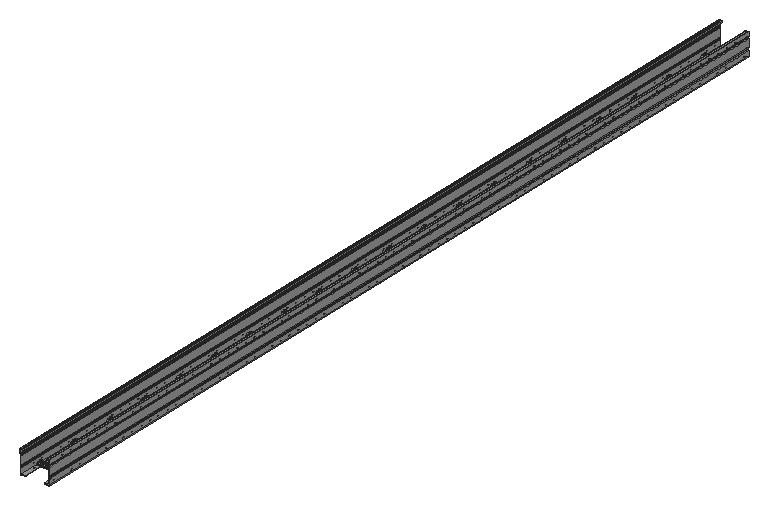
Revit family "Weitspannkabelleiter WKLG1620 FT,FS FT SO A4.23.08", category Generic Models, Revit 2017 (continued)
Dimensions and locks
  locked: plane 87 to cut or joined group 1 (Extrusion 1, Extrusion 2, Extrusion 3, Extrusion 4, Extrusion 5, Extrusion 6, Extrusion 7, Extrusion 8, Extrusion 9, Extrusion 10, Extrusion 11, Extrusion 12, Extrusion 13, Extrusion 14, Extrusion 15, Extrusion 16, Extrusion 17, Extrusion 18, Extrusion 19, Extrusion 20, Extrusion 21, Extrusion 22, Extrusion 23, Extrusion 24, Extrusion 25, Extrusion 26, Extrusion 27, Extrusion 28, Extrusion 29, Extrusion 30, Extrusion 31, Extrusion 32, Extrusion 33, Extrusion 34, Extrusion 35, Extrusion 36, Extrusion 37, Extrusion 38, Extrusion 39, Extrusion 40, Extrusion 41, Extrusion 42, Extrusion 43, Extrusion 44, Extrusion 45, Extrusion 46, Extrusion 47, Extrusion 48, Extrusion 49, Extrusion 50, Extrusion 51, Extrusion 52, Extrusion 53, Extrusion 54, Extrusion 55, Extrusion 56, Extrusion 57, Extrusion 58, Extrusion 59, Extrusion 60, Extrusion 61, Extrusion 62, Extrusion 63, Extrusion 64, Extrusion 65, Extrusion 66, Extrusion 67, Extrusion 68, Extrusion 69, Extrusion 70, Extrusion 71, Extrusion 72, Extrusion 73, Extrusion 74, Extrusion 75, Extrusion 76, Extrusion 77, Extrusion 78, Extrusion 79, Extrusion 80, Extrusion 81, Extrusion 82, Extrusion 83, Extrusion 84, Extrusion 85, Extrusion 86, Extrusion 87, Extrusion 88, Extrusion 89, Extrusion 90, Extrusion 91, Extrusion 92, Extrusion 93, Extrusion 94, Extrusion 95, Extrusion 96, Extrusion 97, Extrusion 98, Extrusion 99, Extrusion 100, Extrusion 101, Extrusion 102, Extrusion 103, Extrusion 104, Extrusion 105, Extrusion 106, Extrusion 107, Extrusion 108, Extrusion 109, Extrusion 110, Extrusion 111, Extrusion 112, Extrusion 113, Extrusion 114, Extrusion 115, Extrusion 116, Extrusion 117, Extrusion 118, Extrusion 119, Extrusion 120, Extrusion 121, Extrusion 122, Extrusion 123, Extrusion 124, Extrusion 125, Extrusion 126, Extrusion 127, Extrusion 128, Extrusion 129, Extrusion 130, Extrusion 131, Extrusion 132, Extrusion 133, Extrusion 134, Extrusion 135, Extrusion 136, Extrusion 137, Extrusion 138, Extrusion 139, Extrusion 140, Extrusion 141, Extrusion 142, Extrusion 143, Extrusion 144, Extrusion 145, Extrusion 146, Extrusion 147, Extrusion 148, Extrusion 149, Extrusion 150, Extrusion 151, Extrusion 152, Extrusion 153, Extrusion 154, Extrusion 155, Extrusion 156, Extrusion 157, Extrusion 158, Extrusion 159, Extrusion 160, Extrusion 161, Extrusion 162, Extrusion 163, Extrusion 164, Extrusion 165, Extrusion 166, Extrusion 167, Extrusion 168, Extrusion 169, Extrusion 170, Extrusion 171, Extrusion 172, Extrusion 173, Extrusion 174, Extrusion 175, Extrusion 176, Extrusion 177, Extrusion 178, Extrusion 179, Extrusion 180, Extrusion 181, Extrusion 182, Extrusion 183, Extrusion 184, Extrusion 185, Extrusion 186, Extrusion 187, Extrusion 188, Extrusion 189, Extrusion 190, Extrusion 191, Extrusion 192, Extrusion 193, Extrusion 194, Extrusion 195, Extrusion 196, Extrusion 197, Extrusion 198, Extrusion 199, Extrusion 200, Extrusion 201, Extrusion 202, Extrusion 203, Extrusion 204, Extrusion 205, Extrusion 206, Extrusion 207, Extrusion 208, Extrusion 209, Extrusion 210, Extrusion 211, Extrusion 212, Extrusion 213, Extrusion 214, Extrusion 215, Extrusion 216, Extrusion 217, Extrusion 218, Extrusion 219, Extrusion 220, Extrusion 221, Extrusion 222, Extrusion 223, Extrusion 224, Extrusion 225, Extrusion 226, Extrusion 227, Extrusion 228, Extrusion 229, Extrusion 230, Extrusion 231, Extrusion 232, Extrusion 233, Extrusion 234, Extrusion 235, Extrusion 236, Extrusion 237, Extrusion 238, Extrusion 239, Extrusion 240, Extrusion 241, Extrusion 242, Extrusion 243, Extrusion 244, Extrusion 245, Extrusion 246, Extrusion 247, Extrusion 248, Extrusion 249, Extrusion 250, Extrusion 251, Extrusion 252, Extrusion 253, Extrusion 254, Extrusion 255, Extrusion 256, Extrusion 257, Extrusion 258, Extrusion 259, Extrusion 260, Extrusion 261, Extrusion 262, Extrusion 263, Extrusion 264, Extrusion 265, Extrusion 266, Extrusion 267, Extrusion 268, Extrusion 269, Extrusion 270, Extrusion 271, Extrusion 272, Extrusion 273, Extrusion 274, Extrusion 275, Extrusion 276, Extrusion 277, Extrusion 278, Extrusion 279, Extrusion 280, Extrusion 281, Extrusion 282, Extrusion 283, Extrusion 284, Extrusion 285, Extrusion 286, Extrusion 287, Extrusion 288, Extrusion 289, Extrusion 290, Extrusion 291, Extrusion 292, Extrusion 293, Extrusion 294, Extrusion 295, Extrusion 296, Extrusion 297, Extrusion 298, Extrusion 299, Extrusion 300, Extrusion 301, Extrusion 302, Extrusion 303, Extrusion 304, Extrusion 305, Extrusion 306, Extrusion 307, Extrusion 308, Extrusion 309, Extrusion 310, Extrusion 311, Extrusion 312, Extrusion 313, Extrusion 314, Extrusion 315, Extrusion 316, Extrusion 317, Extrusion 318, Extrusion 319, Extrusion 320, Extrusion 321, Extrusion 324, Extrusion 325, Extrusion 326, Extrusion 327, Extrusion 328, Extrusion 329, Extrusion 330, Extrusion 331, Extrusion 332, Extrusion 333, Extrusion 334, Extrusion 335, Extrusion 336, Extrusion 337, Extrusion 338, Extrusion 339, Extrusion 340, Extrusion 341, Extrusion 342, Extrusion 343, Extrusion 344, Extrusion 345, Extrusion 346, Extrusion 347, Extrusion 348, Extrusion 349, Extrusion 350, Extrusion 351, Extrusion 352, Extrusion 353, Extrusion 354, Extrusion 355, Extrusion 356, Extrusion 357, Extrusion 358, Extrusion 359, Extrusion 360, Extrusion 361, Extrusion 362, Extrusion 363, Extrusion 364, Extrusion 365, Extrusion 366, Extrusion 367, Extrusion 368, Extrusion 369, Extrusion 370, Extrusion 371, Extrusion 372, Extrusion 373, Extrusion 374, Extrusion 375, Extrusion 376, Extrusion 377, Extrusion 378, Extrusion 379, Extrusion 380, Extrusion 381, Extrusion 382, Extrusion 383, Extrusion 384, Extrusion 385, Extrusion 386, Extrusion 387, Extrusion 388, Extrusion 389, Extrusion 390, Extrusion 391, Extrusion 392, Extrusion 393, Extrusion 394, Extrusion 395, Extrusion 396, Extrusion 397, Extrusion 398, Extrusion 399, Extrusion 400, Extrusion 401, Extrusion 402, Extrusion 403, Extrusion 404, Extrusion 407, Extrusion 409, Extrusion 411, Extrusion 413, Extrusion 415, Extrusion 417, Extrusion 419, Extrusion 421, Extrusion 423, Extrusion 425, Extrusion 427, Extrusion 429, Extrusion 431, Extrusion 433, Extrusion 435, Extrusion 437, Extrusion 439, Extrusion 441, Extrusion 443) at 15.25
  locked: plane 89 to plane 86 at 30
  locked: cut or joined group 1 to plane 90 at 12.5  (x2)
  locked: cut or joined group of Extrusion 323, Extrusion 404, Extrusion 407 to plane 94 at 23.691
  locked: Extrusion 406 to Extrusion 406 at 1.5  (x5)
  locked: Extrusion 406 to Extrusion 406 at 16.5
  locked: plane 102 to plane 101 at 30
  equal spacing: group 404, group 406, group 408, group 410, group 412, group 414, group 416, group 418, group 420, group 422, group 424, group 426, group 428, group 430, group 432, group 434, group 436, group 438, group 440, group 442  (x3)
  locked: Extrusion 408 to Extrusion 408 at 1.5  (x5)
  locked: Extrusion 408 to Extrusion 408 at 16.5
  locked: plane 110 to plane 109 at 30
  locked: Extrusion 410 to Extrusion 410 at 1.5  (x5)
  locked: Extrusion 410 to Extrusion 410 at 16.5
  locked: plane 118 to plane 117 at 30
  locked: Extrusion 412 to Extrusion 412 at 1.5  (x5)
  locked: Extrusion 412 to Extrusion 412 at 16.5
  locked: plane 126 to plane 125 at 30
  locked: Extrusion 414 to Extrusion 414 at 1.5  (x5)
  locked: Extrusion 414 to Extrusion 414 at 16.5
  locked: plane 134 to plane 133 at 30
  locked: Extrusion 416 to Extrusion 416 at 1.5  (x5)
  locked: Extrusion 416 to Extrusion 416 at 16.5
  locked: plane 142 to plane 141 at 30
  locked: Extrusion 418 to Extrusion 418 at 1.5  (x5)
  locked: Extrusion 418 to Extrusion 418 at 16.5
  locked: plane 150 to plane 149 at 30
  locked: Extrusion 420 to Extrusion 420 at 1.5  (x5)
  locked: Extrusion 420 to Extrusion 420 at 16.5
  locked: plane 158 to plane 157 at 30
  locked: Extrusion 422 to Extrusion 422 at 1.5  (x5)
  locked: Extrusion 422 to Extrusion 422 at 16.5
  locked: plane 166 to plane 165 at 30
  locked: Extrusion 424 to Extrusion 424 at 1.5  (x5)
  locked: Extrusion 424 to Extrusion 424 at 16.5
  locked: plane 174 to plane 173 at 30
  locked: Extrusion 426 to Extrusion 426 at 1.5  (x5)
  locked: Extrusion 426 to Extrusion 426 at 16.5
  locked: plane 182 to plane 181 at 30
  locked: Extrusion 428 to Extrusion 428 at 1.5  (x5)
  locked: Extrusion 428 to Extrusion 428 at 16.5
  locked: plane 190 to plane 189 at 30
  locked: Extrusion 430 to Extrusion 430 at 1.5  (x5)
  locked: Extrusion 430 to Extrusion 430 at 16.5
  locked: plane 198 to plane 197 at 30
  locked: Extrusion 432 to Extrusion 432 at 1.5  (x5)
  locked: Extrusion 432 to Extrusion 432 at 16.5
  locked: plane 206 to plane 205 at 30
  locked: Extrusion 434 to Extrusion 434 at 1.5  (x5)
  locked: Extrusion 434 to Extrusion 434 at 16.5
  locked: plane 214 to plane 213 at 30
  locked: Extrusion 436 to Extrusion 436 at 1.5  (x5)
  locked: Extrusion 436 to Extrusion 436 at 16.5
  locked: plane 222 to plane 221 at 30
  locked: Extrusion 438 to Extrusion 438 at 1.5  (x5)
  locked: Extrusion 438 to Extrusion 438 at 16.5
  locked: plane 230 to plane 229 at 30
  locked: Extrusion 440 to Extrusion 440 at 1.5  (x5)
  locked: Extrusion 440 to Extrusion 440 at 16.5
  locked: plane 238 to plane 237 at 30
  locked: Extrusion 442 to Extrusion 442 at 1.5  (x5)
  locked: Extrusion 442 to Extrusion 442 at 16.5
  locked: plane 246 to plane 245 at 30
  plane 97 to plane 24 = 300 mm
  cut or joined group 1 to plane 249 = 17.732 mm
  plane 252 to plane 251 = 11 mm
  plane 254 to plane 253 = 11 mm
  locked: plane 251 to plane 254 at 500
  locked: Extrusion 444 to Extrusion 444 at 25  (x3)
  Extrusion 444 to Extrusion 444 = 2 mm
  locked: Extrusion 444 to Extrusion 444 at 2
  locked: Extrusion 445 sketch curve to Extrusion 445 sketch curve at 25
  locked: Extrusion 445 to cut or joined group 1 at 2
  plane 265 to plane 264 = 11 mm
  plane 267 to plane 266 = 11 mm
  locked: plane 264 to plane 267 at 500
  locked: Extrusion 446 to Extrusion 446 at 25  (x3)
  locked: Extrusion 446 to Extrusion 446 at 2
  equal spacing: group 444, group 445, group 446, group 447  (x3)
  plane 272 to plane 271 = 11 mm
  plane 274 to plane 273 = 11 mm
  locked: plane 271 to plane 274 at 500
  locked: Extrusion 447 to Extrusion 447 at 25  (x3)
  locked: Extrusion 447 to Extrusion 447 at 2
  plane 279 to plane 278 = 11 mm
  plane 281 to plane 280 = 11 mm
  locked: plane 278 to plane 281 at 500
  locked: Extrusion 448 to Extrusion 448 at 25  (x3)
  locked: Extrusion 448 to Extrusion 448 at 2
  locked: Extrusion 449 sketch curve to Extrusion 449 sketch curve at 25
  equal spacing: group 443, group 448, group 449, group 450  (x3)
  locked: Extrusion 450 sketch curve to Extrusion 450 sketch curve at 25
  locked: Extrusion 451 sketch curve to Extrusion 451 sketch curve at 25
  locked: Extrusion 444 sketch curve to Extrusion 444 sketch curve (angle 45.00°)  (x3)
  locked: Extrusion 445 sketch curve to Extrusion 445 sketch curve (angle 45.00°)  (x4)
  locked: Extrusion 446 sketch curve to Extrusion 446 sketch curve (angle 45.00°)  (x3)
  locked: Extrusion 447 sketch curve to Extrusion 447 sketch curve (angle 45.00°)  (x3)
  locked: Extrusion 448 sketch curve to Extrusion 448 sketch curve (angle 45.00°)  (x3)
  locked: Extrusion 449 sketch curve to Extrusion 449 sketch curve (angle 45.00°)  (x4)
  locked: Extrusion 450 sketch curve to Extrusion 450 sketch curve (angle 45.00°)  (x4)
  locked: Extrusion 451 sketch curve to Extrusion 451 sketch curve (angle 45.00°)  (x4)
  aligned and locked: level to plane 2
  aligned and locked: plane 10 to plane 6
  aligned and locked: plane 16 to Extrusion 1
  aligned and locked: plane 1 "Center (Front/Back)" to Extrusion 1
  aligned and locked: Extrusion 1 to Extrusion 2  (x2)
  aligned and locked: Extrusion 1 to Extrusion 82  (x2)
  aligned and locked: cut or joined group 1 to Extrusion 162
  aligned and locked: cut or joined group 1 to Extrusion 242
  aligned and locked: cut or joined group 1 to cut or joined group of Extrusion 1, Extrusion 2, Extrusion 3, Extrusion 4, Extrusion 5, Extrusion 6, Extrusion 7, Extrusion 8, Extrusion 9, Extrusion 10, Extrusion 11, Extrusion 12, Extrusion 13, Extrusion 14, Extrusion 15, Extrusion 16, Extrusion 17, Extrusion 18, Extrusion 19, Extrusion 20, Extrusion 21, Extrusion 22, Extrusion 23, Extrusion 24, Extrusion 25, Extrusion 26, Extrusion 27, Extrusion 28, Extrusion 29, Extrusion 30, Extrusion 31, Extrusion 32, Extrusion 33, Extrusion 34, Extrusion 35, Extrusion 36, Extrusion 37, Extrusion 38, Extrusion 39, Extrusion 40, Extrusion 41, Extrusion 42, Extrusion 43, Extrusion 44, Extrusion 45, Extrusion 46, Extrusion 47, Extrusion 48, Extrusion 49, Extrusion 50, Extrusion 51, Extrusion 52, Extrusion 53, Extrusion 54, Extrusion 55, Extrusion 56, Extrusion 57, Extrusion 58, Extrusion 59, Extrusion 60, Extrusion 61, Extrusion 62, Extrusion 63, Extrusion 64, Extrusion 65, Extrusion 66, Extrusion 67, Extrusion 68, Extrusion 69, Extrusion 70, Extrusion 71, Extrusion 72, Extrusion 73, Extrusion 74, Extrusion 75, Extrusion 76, Extrusion 77, Extrusion 78, Extrusion 79, Extrusion 80, Extrusion 81, Extrusion 82, Extrusion 83, Extrusion 84, Extrusion 85, Extrusion 86, Extrusion 87, Extrusion 88, Extrusion 89, Extrusion 90, Extrusion 91, Extrusion 92, Extrusion 93, Extrusion 94, Extrusion 95, Extrusion 96, Extrusion 97, Extrusion 98, Extrusion 99, Extrusion 100, Extrusion 101, Extrusion 102, Extrusion 103, Extrusion 104, Extrusion 105, Extrusion 106, Extrusion 107, Extrusion 108, Extrusion 109, Extrusion 110, Extrusion 111, Extrusion 112, Extrusion 113, Extrusion 114, Extrusion 115, Extrusion 116, Extrusion 117, Extrusion 118, Extrusion 119, Extrusion 120, Extrusion 121, Extrusion 122, E
    xtrusion 123, Extrusion 124, Extrusion 125, Extrusion 126, Extrusion 127, Extrusion 128, Extrusion 129, Extrusion 130, Extrusion 131, Extrusion 132, Extrusion 133, Extrusion 134, Extrusion 135, Extrusion 136, Extrusion 137, Extrusion 138, Extrusion 139, Extrusion 140, Extrusion 141, Extrusion 142, Extrusion 143, Extrusion 144, Extrusion 145, Extrusion 146, Extrusion 147, Extrusion 148, Extrusion 149, Extrusion 150, Extrusion 151, Extrusion 152, Extrusion 153, Extrusion 154, Extrusion 155, Extrusion 156, Extrusion 157, Extrusion 158, Extrusion 159, Extrusion 160, Extrusion 161, Extrusion 162, Extrusion 163, Extrusion 164, Extrusion 165, Extrusion 166, Extrusion 167, Extrusion 168, Extrusion 169, Extrusion 170, Extrusion 171, Extrusion 172, Extrusion 173, Extrusion 174, Extrusion 175, Extrusion 176, Extrusion 177, Extrusion 178, Extrusion 179, Extrusion 180, Extrusion 181, Extrusion 182, Extrusion 183, Extrusion 184, Extrusion 185, Extrusion 186, Extrusion 187, Extrusion 188, Extrusion 189, Extrusion 190, Extrusion 191, Extrusion 192, Extrusion 193, Extrusion 194, Extrusion 195, Extrusion 196, Extrusion 197, Extrusion 198, Extrusion 199, Extrusion 200, Extrusion 201, Extrusion 202, Extrusion 203, Extrusion 204, Extrusion 205, Extrusion 206, Extrusion 207, Extrusion 208, Extrusion 209, Extrusion 210, Extrusion 211, Extrusion 212, Extrusion 213, Extrusion 214, Extrusion 215, Extrusion 216, Extrusion 217, Extrusion 218, Extrusion 219, Extrusion 220, Extrusion 221, Extrusion 222, Extrusion 223, Extrusion 224, Extrusion 225, Extrusion 226, Extrusion 227, Extrusion 228, Extrusion 229, Extrusion 230, Extrusion 231, Extrusion 232, Extrusion 233, Extrusion 234, Extrusion 235, Extrusion 236, Extrusion 237, Extrusion 238, Extrusion 239, Extrusion 240, Extrusion 241, Extrusion 242, Extrusion 243, Extrusion 244, Extrusion 245, Extrusion 246, Extrusion 247, Extrusion 248, Extrusion 249, Extrusion 250, Extrusion 251, Extrusion 252, Extrusion 253, Extrusion 254, Extrusion 255, Extrusion 256, Extrusion 257, Extrusion 258, Extrusion 259, Extrusion 260, Extrusion 261, Extrusion 262, Extrusion 263, Extrusion 264, Extrusion 265, Extrusion 266, Extrusion 267, Extrusion 268, Extrusion 269, Extrusion 270, Extrusion 271, Extrusion 272, Extrusion 273, Extrusion 274, Extrusion 275, Extrusion 276, Extrusion 277, Extrusion 278, Extrusion 279, Extrusion 280, Extrusion 281, Extrusion 282, Extrusion 283, Extrusion 284, Extrusion 285, Extrusion 286, Extrusion 287, Extrusion 288, Extrusion 289, Extrusion 290, Extrusion 291, Extrusion 292, Extrusion 293, Extrusion 294, Extrusion 295, Extrusion 296, Extrusion 297, Extrusion 298, Extrusion 299, Extrusion 300, Extrusion 301, Extrusion 302, Extrusion 303, Extrusion 304, Extrusion 305, Extrusion 306, Extrusion 307, Extrusion 308, Extrusion 309, Extrusion 310, Extrusion 311, Extrusion 312, Extrusion 313, Extrusion 314, Extrusion 315, Extrusion 316, Extrusion 317, Extrusion 318, Extrusion 319, Extrusion 320, Extrusion 321, Extrusion 324, Extrusion 325, Extrusion 326, Extrusion 327, Extrusion 328, Extrusion 329, Extrusion 330, Extrusion 331, Extrusion 332, Extrusion 333, Extrusion 334, Extrusion 335, Extrusion 336, Extrusion 337, Extrusion 338, Extrusion 339, Extrusion 340, Extrusion 341, Extrusion 342, Extrusion 343, Extrusion 344, Extrusion 345, Extrusion 346, Extrusion 347, Extrusion 348, Extrusion 349, Extrusion 350, Extrusion 351, Extrusion 352, Extrusion 353, Extrusion 354, Extrusion 355, Extrusion 356, Extrusion 357, Extrusion 358, Extrusion 359, Extrusion 360, Extrusion 361, Extrusion 362, Extrusion 363, Extrusion 364, Extrusion 365, Extrusion 366, Extrusion 367, Extrusion 368, Extrusion 369, Extrusion 370, Extrusion 371, Extrusion 372, Extrusion 373, Extrusion 374, Extrusion 375, Extrusion 376, Extrusion 377, Extrusion 378, Extrusion 379, Extrusion 380, Extrusion 381, Extrusion 382, Extrusion 383, Extrusion 384, Extrusion 385, Extrusion 386, Extrusion 387, Extrusion 388, Extrusion 389, Extrusion 390, Extrusion 391, Extrusion 392, Extrusion 393, Extrusion 394, Extrusion 395, Extrusion 396, Extrusion 397, Extrusion 398, Extrusion 399, Extrusion 400, Extrusion 401, Extrusion 402, Extrusion 403, Extrusion 404, Extrusion 407, Extrusion 409, Extrusion 411, Extrusion 413, Extrusion 415, Extrusion 417, Extrusion 419, Extrusion 421, Extrusion 423, Extrusion 425, Extrusion 427, Extrusion 429, Extrusion 431, Extrusion 433, Extrusion 435, Extrusion 437, Extrusion 439, Extrusion 441, Extrusion 443  (x43)
  aligned and locked: Extrusion 323 to Extrusion 323
  aligned and locked: cut or joined group of Extrusion 323, Extrusion 404, Extrusion 407 to cut or joined group of Extrusion 323, Extrusion 404, Extrusion 407  (x2)
  aligned and locked: Extrusion 406 to Extrusion 406
  aligned and locked: Extrusion 408 to Extrusion 408
  aligned and locked: Extrusion 410 to Extrusion 410
  aligned and locked: Extrusion 412 to Extrusion 412
  aligned and locked: Extrusion 414 to Extrusion 414
  aligned and locked: Extrusion 416 to Extrusion 416
  aligned and locked: Extrusion 418 to Extrusion 418
  aligned and locked: Extrusion 420 to Extrusion 420
  aligned and locked: Extrusion 422 to Extrusion 422
  aligned and locked: Extrusion 424 to Extrusion 424
  aligned and locked: Extrusion 426 to Extrusion 426
  aligned and locked: Extrusion 428 to Extrusion 428
  aligned and locked: Extrusion 430 to Extrusion 430
  aligned and locked: Extrusion 432 to Extrusion 432
  aligned and locked: Extrusion 434 to Extrusion 434
  aligned and locked: Extrusion 436 to Extrusion 436
  aligned and locked: Extrusion 438 to Extrusion 438
  aligned and locked: Extrusion 440 to Extrusion 440
  aligned and locked: Extrusion 442 to Extrusion 442
  aligned and locked: level to Extrusion 444
  aligned and locked: level to Extrusion 445
Automatic sketch dimensions
  Extrusion 1 sketch curve to Extrusion 1 sketch curve = 0 mm  (x21)
  Extrusion 1 sketch curve to plane 5 = 0 mm  (x2)
  Extrusion 1 sketch curve to level = 0 mm  (x2)
  Extrusion 1 sketch curve to plane 9 = 0 mm  (x2)
  Extrusion 1 sketch curve to plane 4 = 0.469 mm
  Extrusion 1 sketch curve to plane 3 "Center (Left/Right)" = 101.352 mm
  Extrusion 1 sketch curve to plane 4 = 0.14 mm
  Extrusion 1 sketch curve to Extrusion 1 sketch curve = 0.14 mm
  plane 8 to Extrusion 1 sketch curve = 1.154 mm
  Extrusion 1 sketch curve to Extrusion 1 sketch curve = 1.211 mm
  Extrusion 1 sketch curve to plane 8 = 0.537 mm
  Extrusion 1 sketch curve to Extrusion 1 sketch curve = 0.375 mm
  Extrusion 1 sketch curve to plane 15 = 0.393 mm
  Extrusion 1 sketch curve to Extrusion 1 sketch curve = 1.852 mm
  Extrusion 1 sketch curve to plane 7 = 0.507 mm
  Extrusion 1 sketch curve to Extrusion 1 sketch curve = 0.125 mm
  plane 15 to Extrusion 1 sketch curve = 0.59 mm
  Extrusion 1 sketch curve to Extrusion 1 sketch curve = 0.201 mm  (x2)
  plane 6 to Extrusion 1 sketch curve = 0.177 mm
